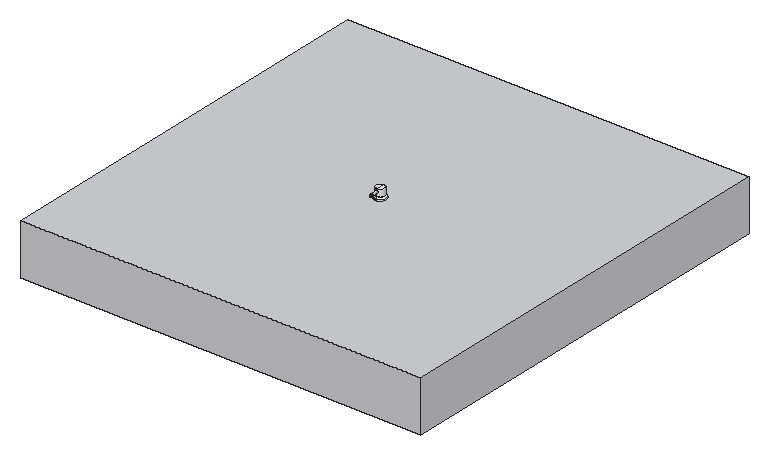
Revit family "Shower_Diverter-American_Standard-Serin-T064.430", category Plumbing Fixtures, host Face, Revit 2014
Parameters (values of type "T064.430")
  Width = 2 5/8"
  Waste Connection = no
  Warranty Information = "1 Year Limited"
  WFU = 4
  Vent Connection = no
  URL = "http://www.americanstandard-us.com/"
  Type Comments = ""
  Product Page URL = "https://www.americanstandard-us.com/bathroom/shower-faucets/serin-diverter-valve-trim-kit-18201"
  Product Documentation Link = "https://www.americanstandard-us.com/-/media/sites/asus/files/product-specs/bulk/specsheett064430.pdf?la=en"
  Price = "Prices may vary. Please consult Manufacturer Representative for most up-to-date price list."  # constant formula
  Model = "T064.430"
  Material = none
  Manufacturer = "American Standard"
  Length = 2 1/8"
  Installation Type = "Wall Mounted"
  Hot Water Connection Radius = 1/4"
  Hot Water Connection Diameter = Hot Water Connection Radius * 2  # 1/2"
  Height = 2 1/8"
  HWFU = 3
  HW Connection = yes
  Description = "Serin Diverter Valve Trim Kit"
  Default Elevation = 46"
  Creation Date = "02/23/2015"  # constant formula
  Cold Water Connection Radius = 1/4"
  Cold Water Connection Diameter = Cold Water Connection Radius * 2  # 1/2"
  CWFU = 3
  CW Connection = yes
  Assembly Code = "D2010710"
  ADA Compliant = yes
Reference planes (in)
  plane 1 "Center (Front/Back)": y = 0
  plane 2: z = 0
  plane 3 "Center (Left/Right)": x = 0
  plane 4: z = 3.625
  plane 5: x = -3.1875
  plane 6: x = -0.5625
  plane 7: y = 1.375
  plane 8: y = -1.375
  plane 9: x = 1.375
  plane 10: x = -1.375
  plane 11: y = 1.3125
  plane 12: y = -1.3125
  plane 13: z = 2.125
Forms (in)
  Extrusion 1, solid
    sketch origin (1.89282, 0, 0) x (1, 0, 0) y (0, 1, 0)
      loop
        line (-48, 48) -> (-48, -48) -> (46.10718, -48) -> (46.10718, 48) -> (-48, 48)
    from 0 to -12
  Revolve 2, solid, material "Brass-American Standard-002-Polished Chrome"
    sketch origin (0, 0, 0) x (0, 1, 0) y (0, 0, 1)
      loop
        line (0.65916, 0.62007) -> (0.53432, 0.62007) -> (0.53432, 0.72286) -> (0.96671, 0.72286) -> (0.96671, 2.125) -> (0, 2.125) -> (0, 0) -> (1.3125, 0) -> (1.3125, 0.1015) -> (0.65916, 0.40615) -> (0.65916, 0.62007)
      axis (0, 0) -> (0, 2.125)
    angle from 0 to 360
  Revolve 3, solid, material "Brass-American Standard-002-Polished Chrome"
    sketch origin (0, 0, -2) x (1, 0, 0) y (0, 1, 0)
      loop
        line (-1.5, 0) -> (-1.5, -0.25) -> (1.375, -0.25) -> (1.375, 0) -> (-1.5, 0)
      axis (1.375, 0) -> (-1.5, 0)
    angle from 0 to 360
  Revolve 4, solid, material "Brass-American Standard-002-Polished Chrome"
    sketch origin (0, 0, -2) x (0, 1, 0) y (-1, 0, 0)
      loop
        line (1.375, 0) -> (1.375, 0.25) -> (-1.375, 0.25) -> (-1.375, 0) -> (1.375, 0)
      axis (1.375, 0) -> (-1.375, 0)
    angle from 0 to 360
  Revolve 5, solid, material "Brass-American Standard-002-Polished Chrome"
    sketch origin (0, -21.08808, -0.61061) x (0, 0, -1) y (0, 1, 0)
      loop
        line (-2.17574, 20.24331) -> (-2.17574, 18.1984)
        arc (-2.17574, 18.1984) -> (-2.05356, 18.20461) -> (-1.93264, 18.2232) r 1.20395
        line (-1.93264, 18.2232) -> (-1.91333, 18.25663) -> (-1.92386, 18.45755)
        arc (-1.92386, 18.45755) -> (-1.94238, 18.47512) -> (-1.9258, 18.49453) r 0.01854
        line (-1.9258, 18.49453) -> (-2.01745, 20.24331) -> (-2.17574, 20.24331)
      axis (-2.17574, 20.24331) -> (-2.17574, 18.1984)
    angle from 0 to 360
Cuts and joins
  joined: Revolve 2, Revolve 5
Dimensions and locks (in)
  "Width": plane 5 to plane 6
  Extrusion 1 to plane 4 = 3 5/8"
  equal spacing: plane 11, plane 1 "Center (Front/Back)", plane 12
  plane 11 to plane 12 = 2 5/8"
  plane 13 to Extrusion 1 = 2 1/8"
  aligned and locked: plane 2 to Extrusion 1
  aligned and locked: level to Extrusion 1
Automatic sketch dimensions
  Extrusion 1 sketch curve to Extrusion 1 sketch curve = 94.10718"
  Extrusion 1 sketch curve to Extrusion 1 sketch curve = 96"
  plane 3 "Center (Left/Right)" to Revolve 3 sketch curve = 1 3/8"
  Revolve 3 sketch curve to plane 3 "Center (Left/Right)" = 1"
  Revolve 3 sketch curve to plane 3 "Center (Left/Right)" = 1.34727"
  Revolve 3 sketch curve to plane 6 = 15/16"
  plane 1 "Center (Front/Back)" to Revolve 3 sketch curve = 1/4"
  Revolve 3 sketch curve to Revolve 3 sketch curve = 1/4"
  Revolve 3 sketch curve to Revolve 3 sketch curve = 0"
  plane 1 "Center (Front/Back)" to Revolve 4 sketch curve = 1 3/8"
  plane 1 "Center (Front/Back)" to Revolve 4 sketch curve = 1"
  Revolve 4 sketch curve to Revolve 4 sketch curve = 0.02773"
  Revolve 4 sketch curve to plane 3 "Center (Left/Right)" = 1/4"
  Revolve 4 sketch curve to plane 1 "Center (Front/Back)" = 1 3/8"
  Revolve 4 sketch curve to Revolve 4 sketch curve = 1/4"
  Revolve 4 sketch curve to Revolve 4 sketch curve = 0"
  Revolve 2 sketch curve to plane 1 "Center (Front/Back)" = 0"  (x2)
  Revolve 2 sketch curve to plane 11 = 0"
  Revolve 2 sketch curve to level = 0"
  Revolve 2 sketch curve to plane 1 "Center (Front/Back)" = 0.53432"
  Revolve 2 sketch curve to Revolve 2 sketch curve = 0.12484"
  Revolve 2 sketch curve to Revolve 2 sketch curve = 0.30756"
  Revolve 2 sketch curve to Revolve 2 sketch curve = 0.1015"
  level to Revolve 2 sketch curve = 0.40615"
  Revolve 2 sketch curve to Revolve 2 sketch curve = 0.21392"
  Revolve 2 sketch curve to Revolve 2 sketch curve = 0.10279"
  Revolve 2 sketch curve to Revolve 2 sketch curve = 0.16872"
  plane 4 to Revolve 2 sketch curve = 0.16872"
  plane 4 to Revolve 2 sketch curve = 1 1/2"
  plane 12 to Revolve 5 sketch curve = 0.46773"
  plane 4 to Revolve 5 sketch curve = 2.05987"
  Revolve 5 sketch curve to Revolve 5 sketch curve = 0.15829"
  Revolve 5 sketch curve to Revolve 5 sketch curve = 0.24994"
  Revolve 5 sketch curve to Revolve 5 sketch curve = 0.00194"
  Revolve 5 sketch curve to Revolve 5 sketch curve = 0.01053"
  Revolve 5 sketch curve to plane 12 = 0.37323"
  Revolve 5 sketch curve to Revolve 5 sketch curve = 0.01844"
  Revolve 5 sketch curve to Revolve 5 sketch curve = 0"
  Revolve 5 sketch curve to Revolve 5 sketch curve = 0.09015"
  Revolve 5 sketch curve to Revolve 5 sketch curve = 0.13629"
  Revolve 5 sketch curve to Revolve 5 sketch curve = 0.90781"
  Revolve 5 sketch curve to Revolve 5 sketch curve = 0.20092"
  Revolve 5 sketch curve to Revolve 5 sketch curve = 0.05823"
  Revolve 5 sketch curve to Revolve 5 sketch curve = 0.0193"
Connectors (in)
  piping at (0, -1.375, -2), diameter 0.5, driven by "Hot Water Connection Radius"
    settings: on Revolve 4, index 1, connector inside diameter 1/2", connector length 0", flow factor 0, pipe flow 0 GPM, pressure drop 0.00 psi, fitting loss kfactor 0, connector angle 0.00°, fixture units 0, engagement length 0", angle of deflection 0.00°, flow configuration 0, flow direction 2, fitting loss method 0, system type 7, joint type 0, gender type 0, connector reference index -1, connector utility 0, adjustable connector no, is connector primary yes, connector description "1/2\" NPT Tub Inlet"
  piping at (-1.5, 0, -2), diameter 0.5, driven by "CWFU", driven by "Cold Water Connection Radius"
    settings: on Revolve 3, index 2, connector inside diameter 1/2", connector length 0", flow factor 0, pipe flow 0 GPM, pressure drop 0.00 psi, fitting loss kfactor 0, connector angle 0.00°, fixture units 3, engagement length 0", angle of deflection 0.00°, flow configuration 3, flow direction 1, fitting loss method 0, system type 20, joint type 0, gender type 0, connector reference index -1, connector utility 0, adjustable connector no, is connector primary no, connector description "1/2\" NPT CW Inlet"
  piping at (0, 1.375, -2), diameter 0.5, driven by "Hot Water Connection Radius"
    settings: on Revolve 4, index 3, connector inside diameter 1/2", connector length 0", flow factor 0, pipe flow 0 GPM, pressure drop 0.00 psi, fitting loss kfactor 0, connector angle 0.00°, fixture units 0, engagement length 0", angle of deflection 0.00°, flow configuration 0, flow direction 2, fitting loss method 0, system type 7, joint type 0, gender type 0, connector reference index -1, connector utility 0, adjustable connector no, is connector primary no, connector description "1/2\" NPT Shower Inlet"
  piping at (1.375, 0, -2), diameter 0.5, driven by "HWFU", driven by "Hot Water Connection Radius"
    settings: on Revolve 3, index 4, connector inside diameter 1/2", connector length 0", flow factor 0, pipe flow 0 GPM, pressure drop 0.00 psi, fitting loss kfactor 0, connector angle 0.00°, fixture units 3, engagement length 0", angle of deflection 0.00°, flow configuration 3, flow direction 1, fitting loss method 0, system type 19, joint type 0, gender type 0, connector reference index -1, connector utility 0, adjustable connector no, is connector primary no, connector description "1/2\" NPT HW Inlet"
